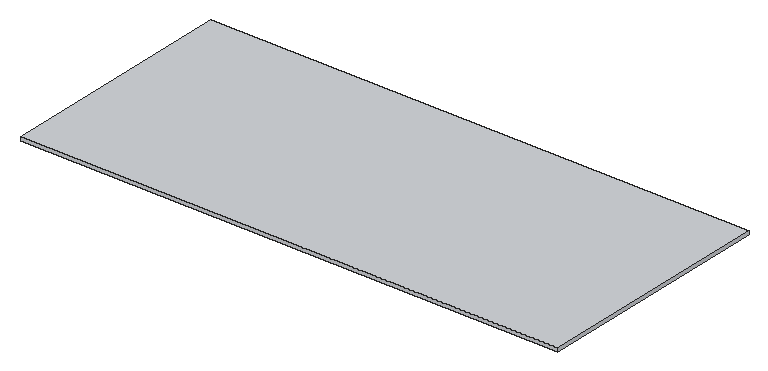
Revit family "Lightline LED 60", category Lighting Fixtures, Revit 2014
Parameters (values of type "L2304")
  Wattage Comments = "17.2"
  Wattage = 17.2 W
  built-in parameter 1150110 = 1 (stored number, unit not read)
  Type Comments = "Surface"
  Type = "L1104"
  built-in parameter 1114217 = 1 (stored number, unit not read)
  Tilt Angle = 90.00°
  built-in parameter 1150109 = 1 (stored number, unit not read)
  built-in parameter 1150134 = 12
  built-in parameter 1150113 = 1 (stored number, unit not read)
  Photometric Web File = "L1104-ies.ies"
  Length (mm) = "1140"
  Model = "L1104"
  Manufacturer = "Designed Architectural Lighting"
  Luminous flux of luminaire (lm) = "2560"
  Lumens = 2545.6 lm
  built-in parameter 1150115 = 1 (stored number, unit not read)
  built-in parameter 1150105 = 202.57 (stored number, unit not read)
  built-in parameter 1150137 = (empty or 0)
  built-in parameter 1150139 = (empty or 0)
  built-in parameter 1150112 = 1 (stored number, unit not read)
  built-in parameter 1150114 = 1 (stored number, unit not read)
  Lamp = "LED"
  built-in parameter 1150132 = (empty or 0)
  built-in parameter 1150102 = (empty or 0)
  built-in parameter 1150138 = (empty or 0)
  built-in parameter 1150107 = 4000 (stored number, unit not read)
  built-in parameter 1150106 = 2.0257 (stored number, unit not read)
  Height (mm) = "100"
  built-in parameter 1150104 = 13.75 (stored number, unit not read)
  Dimming Lamp Color Temperature Shift = <None>
  Description = "Surface Mounted Luminaire"
  Colour temperature (K) = "4000"
  Color Filter = 16777215
  CRI = "80"
  built-in parameter 1114218 = 1 (stored number, unit not read)
  built-in parameter 1150133 = 10 (stored number, unit not read)
  Apparent Load = 17.2 VA
Reference planes
  plane 1 "Light Source Axis (F/B)": y = 0
  plane 2: z = 0
  plane 3 "Light Source Axis (L/R)": x = 0
  plane 4 "Light Source Elevation": z = 0
Forms (mm)
  Extrusion 1, solid
    sketch origin (-338.915, -176.181, 0) x (1, 0, 0) y (0, 1, 0)
      loop
        line (-601.085, 595.555) -> (-601.085, -215.544) -> (1232.222, -215.544) -> (1232.222, 595.555) -> (-601.085, 595.555)
    from 99.65 to 111.65
  Extrusion 2, solid
    sketch origin (0, 0, 0) x (0, 1, 0) y (0, 0, 1)
      loop
        line (32.525, 9.022) -> (30.357, 9.022) -> (30.357, 0) -> (37.215, 0) -> (37.215, 99.65) -> (34.996, 99.65) -> (34.996, 95.463) -> (34.996, 93.795) -> (7.177, 93.795) -> (7.177, 99.542) -> (2.177, 99.542) -> (2.177, 97.966) -> (5.718, 97.966) -> (5.718, 97.159) -> (5.718, 93.795) -> (-5.718, 93.795) -> (-5.718, 97.159) -> (-5.718, 97.966) -> (-2.177, 97.966) -> (-2.177, 99.542) -> (-7.177, 99.542) -> (-7.177, 93.795) -> (-32.652, 93.795) -> (-32.652, 95.463) -> (-32.652, 99.65) -> (-34.871, 99.65) -> (-34.871, 0) -> (-27.918, 0) -> (-27.918, 9.022) -> (-30.181, 9.022) -> (-30.181, 2.545) -> (-32.652, 2.545) -> (-32.652, 14.227) -> (-30.181, 14.227) -> (-27.472, 18.097) -> (-27.472, 21.097) -> (-28.526, 22.152) -> (-30.181, 21.196) -> (-30.181, 18.219) -> (-31.316, 17.084) -> (-32.652, 17.084) -> (-32.652, 47.828) -> (-31.622, 47.828) -> (-29.885, 45.759) -> (-29.885, 43.797) -> (-28.564, 43.034) -> (-27.652, 43.945) -> (-27.652, 47.995) -> (-26.141, 48.868) -> (-26.141, 50.254) -> (-27.652, 50.659) -> (-29.163, 50.254) -> (-30.902, 50.254) -> (-31.622, 51.5) -> (-31.622, 52.94) -> (-30.417, 54.144) -> (-29.136, 54.144) -> (-27.949, 53.459) -> (-26.577, 53.459) -> (-25.559, 54.478) -> (-25.559, 58.396) -> (-21.445, 58.396) -> (-21.445, 60.472) -> (-25.794, 60.472) -> (-25.794, 62.314) -> (-27.652, 62.314) -> (-27.652, 56.672) -> (-32.652, 56.672) -> (-32.652, 84.659) -> (-32.652, 92.159) -> (-5.718, 92.159) -> (5.718, 92.159) -> (34.996, 92.159) -> (34.996, 56.359) -> (29.996, 56.359) -> (29.996, 62.001) -> (28.137, 62.001) -> (28.137, 60.16) -> (23.788, 60.16) -> (23.788, 58.083) -> (27.902, 58.083) -> (27.902, 54.165) -> (28.921, 53.146) -> (30.292, 53.146) -> (31.479, 53.832) -> (32.761, 53.832) -> (33.965, 52.627) -> (33.965, 51.187) -> (33.246, 49.941) -> (31.507, 49.941) -> (29.996, 50.346) -> (28.485, 49.941) -> (28.485, 48.555) -> (29.996, 47.683) -> (29.996, 43.633) -> (30.907, 42.721) -> (32.229, 43.484) -> (32.229, 45.446) -> (33.965, 47.515) -> (34.996, 47.515) -> (34.996, 17.084) -> (33.66, 17.084) -> (32.525, 18.219) -> (32.525, 21.196) -> (30.87, 22.152) -> (29.815, 21.097) -> (29.815, 18.097) -> (32.525, 14.227) -> (34.996, 14.227) -> (34.996, 2.545) -> (32.525, 2.545) -> (32.525, 9.022)
    from -564.708 to 564.708
  Extrusion 3, solid
    sketch origin (0, 0, 0) x (0, 1, 0) y (0, 0, 1)
      loop
        line (33.516, 12.49) -> (29.217, 18.408) -> (27.919, 18.408) -> (27.919, 17.031) -> (31.396, 12.245) -> (28.641, 10.387) -> (28.641, 1.972) -> (5.679, 1.972) -> (-5.381, 1.972) -> (-25.919, 1.972) -> (-25.919, 10.236) -> (-28.896, 12.245) -> (-25.419, 17.031) -> (-25.419, 18.408) -> (-26.717, 18.408) -> (-31.016, 12.49) -> (-31.016, 11.495) -> (-27.918, 9.405) -> (-27.918, 0) -> (-6.115, 0) -> (5.679, 0) -> (30.223, 0) -> (30.223, 9.274) -> (33.516, 11.495) -> (33.516, 12.49)
    from -564.708 to 564.708
  Extrusion 4, solid
    sketch origin (0, 0, 0) x (0, 1, 0) y (0, 0, 1)
      loop
        line (37.215, 99.65) -> (-34.871, 99.65) -> (-34.871, 0) -> (37.215, 0) -> (37.215, 99.65)
    from 564.708 to 571.085
  Extrusion 5, solid
    sketch origin (0, 0, 0) x (0, 1, 0) y (0, 0, -1)
      loop
        line (37.215, -99.65) -> (37.215, 0) -> (-34.871, 0) -> (-34.871, -99.65) -> (37.215, -99.65)
    from 564.708 to 571.085
  Extrusion 6, solid
    sketch origin (0, 0, -4.375) x (0, 1, 0) y (0, 0, 1)
      loop
        line (27.503, 62.407) -> (26.457, 62.407) -> (26.457, 44.646) -> (2.258, 44.646) -> (-2.258, 44.646) -> (-24.374, 44.646) -> (-24.374, 62.546) -> (-25.559, 62.546) -> (-25.559, 43.525) -> (-2.258, 43.525) -> (2.258, 43.525) -> (27.503, 43.525) -> (27.503, 62.407)
    from -558.611 to 560.938
  Extrusion 7, solid
    sketch origin (0, 0, 0) x (0, 1, 0) y (0, 0, 1)
      loop
        line (26.488, 16.821) -> (15.11, 39.15) -> (3.915, 39.15) -> (-3.915, 39.15) -> (-13.992, 39.15) -> (-25.415, 16.732) -> (-24.648, 15.965) -> (-13.439, 37.964) -> (-5.479, 37.964) -> (5.479, 37.964) -> (14.284, 37.964) -> (25.54, 15.873) -> (26.488, 16.821)
    from -558.611 to 560.938
  Extrusion 8, solid
    sketch origin (0, 0, 0) x (0, 1, 0) y (0, 0, 1)
      loop
        line (21.141, 59.646) -> (2.641, 59.646) -> (-2.641, 59.646) -> (-19.209, 59.646) -> (-19.209, 49.709) -> (-5.076, 49.709) -> (5.076, 49.709) -> (21.141, 49.709) -> (21.141, 59.646)
    from -558.611 to 560.938
  Extrusion 9, solid
    sketch origin (-578.847, 0, 0) x (0, 1, 0) y (0, 0, 1)
      loop
        line (15.794, 79.492) -> (-14.238, 79.492) -> (-14.238, 59.646) -> (15.794, 59.646) -> (15.794, 79.492)
    from 138.247 to 438.847
Dimensions and locks
  aligned and locked: plane 3 "Light Source Axis (L/R)" to imposter light
  aligned and locked: plane 1 "Light Source Axis (F/B)" to imposter light
  aligned and locked: plane 4 "Light Source Elevation" to imposter light
  aligned and locked: level to plane 2
